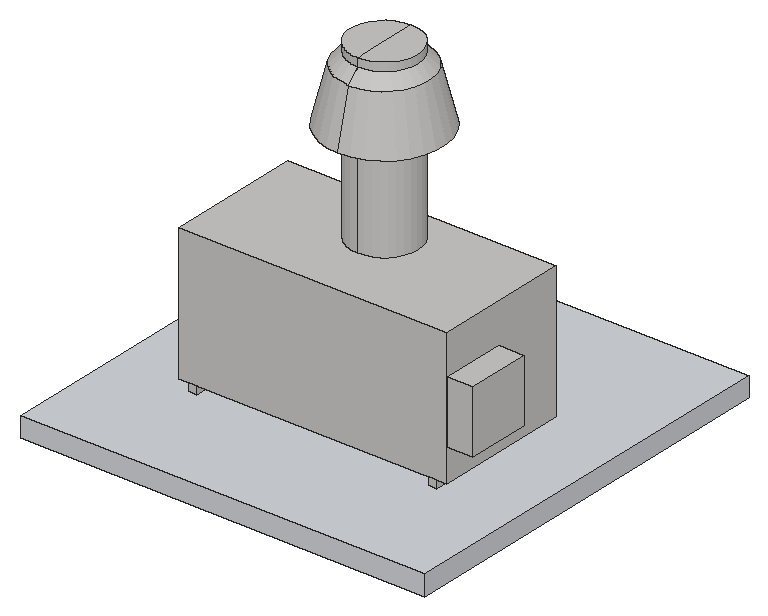
Revit family "DC_Rheem_PLM_Raypak_B1292ID", category Plumbing Fixtures, host Face, Revit 2017
Family settings
  Host = Face
  Round Connector Dimension = Use Radius
  Part Type = Normal
  Cut with Voids When Loaded = No
  Shared = No
  Room Calculation Point = No
Parameters (values of type "Raypak - Gas Water Heater- Indoor - 1289 MJ/h  Natural gas, modulating gas control")
  Width_ANZRS = 825 mm
  URL = "http://www.rheem.com.au/CommercialProducts"
  Type Comments = "Recovery 4902L/h @ 50°C rise\r\n"
  Materials_ANZRS = Raypak - Grey Powder Coated Steel
  PRV_ANZRS = 15 mm
  Model = "B1292NCM/ID\r\n"
  Manufacturer = "Raypak\r\n"
  HotWaterOutlet Radius_ANZRS = 32.5 mm
  HotWaterOutletDiameter_ANZRS = HotWaterOutlet Radius_ANZRS * 2  # 65 mm
  Height_ANZRS = 1915 mm
  GasInletRadius_ANZRS = 20 mm
  GasInletHeight_ANZRS = 410 mm
  GasInletDiameter_ANZRS = GasInletRadius_ANZRS * 2  # 40 mm
  DesignBy_ANZRS = "Design Content ©"
  Description = "Raypak - Gas Water Heater- Indoor - 1289 MJ/h  Natural gas, modulating gas control"
  Default Elevation = 0 mm
  ConnectionHeight_ANZRS = 755 mm
  ColdWaterInletRadius_ANZRS = 32.5 mm
  ColdWaterInletDiameter_ANZRS = ColdWaterInletRadius_ANZRS * 2  # 65 mm
  Box Height_ANZRS = 860 mm
  Author_ANZRS = "DM"
  Assembly Code = ""
Types (5, lengths in mm): name | URL | Type Comments | Model | GasInletRadius_ANZRS | GasInletDiameter_ANZRS | Description
  (no name) | "http://www.rheem.com.au/downloads/PDF/Raypak_Mechanical_Heating_Brochure_July_09.pdf\r\n" | "Recovery 4558L/h @ 50°C rise\r\n" | "B1292PCO/ID\r\n" | 16 | 32 | "Raypak - Gas Water Heater- Indoor - 1186 MJ/h  Propane gas, On/Off gas control\r\n"
  Raypak - Gas Water Heater- Indoor - 1289 MJ/h  Natural gas, modulating gas control | "http://www.rheem.com.au/CommercialProducts" | "Recovery 4902L/h @ 50°C rise\r\n" | "B1292NCM/ID\r\n" | 20 | 40 | "Raypak - Gas Water Heater- Indoor - 1289 MJ/h  Natural gas, modulating gas control"
  Raypak - Gas Water Heater- Indoor - 1289 MJ/h  Natural gas, On/Off gas control | "http://www.rheem.com.au/CommercialProducts" | "Recovery 4902L/h @ 50°C rise\r\n" | "B1292NCO/ID\r\n\r\n" | 20 | 40 | "Raypak - Gas Water Heater- Indoor - 1289 MJ/h  Natural gas, On/Off gas control\r\n"
  Raypak - Gas Water Heater- Indoor - 1186 MJ/h  Propane gas, modulating gas control | "http://www.rheem.com.au/CommercialProducts" | "Recovery 4558L/h @ 50°C rise\r\n" | "B1292PCM/ID\r\n\r\n\r\n" | 10 | 20 | "Raypak - Gas Water Heater- Indoor - 1186 MJ/h  Propane gas, modulating gas control\r\n"
  Raypak - Gas Water Heater- Indoor - 1186 MJ/h  Propane gas, On/Off gas control | "http://www.rheem.com.au/CommercialProducts" | "Recovery 4558L/h @ 50°C rise\r\n" | "B1292PCO/ID\r\n" | 16 | 32 | "Raypak - Gas Water Heater- Indoor - 1186 MJ/h  Propane gas, On/Off gas control\r\n"
Reference planes
  plane 1 "Center (Front/Back)": y = 0
  plane 2: z = 0
  plane 3 "Center (Left/Right)": x = 0
  plane 4 "H1": z = 1915
  plane 5 "H5": z = 860
  plane 6 "CD 1": z = 755
  plane 7 "CD 6": z = 410
  plane 8: y = 285
  plane 9: y = -540
  plane 10 "CD 2": y = 200
  plane 11 "CD 3": y = 130
  plane 12 "CD 4": y = -150
  plane 13 "CD 5": y = -410
  plane 14 "W2": y = 202.5
  plane 15 "W3": y = -202.5
  plane 16: x = -807.5
  plane 17: x = 807.5
  plane 18: x = -857.5
  plane 19 "L1": x = -747.5
  plane 20 "L2": x = -697.5
  plane 21 "L3": x = 697.5
  plane 22 "L4": x = 747.5
  plane 23 "H8": z = 45
  plane 24 "H7": z = 245
  plane 25 "H6": z = 625
  plane 26 "W1": x = 967.5
  plane 27 "H4": z = 1464.364
  plane 28 "H3": z = 1794.164
  plane 29 "H2": z = 1866.464
  plane 30: y = -155
Forms (mm)
  Extrusion 1, solid
    sketch origin (0, 0, 0) x (1, 0, 0) y (0, 1, 0)
      loop
        line (-1219.2, 1219.2) -> (-1219.2, -1219.2) -> (1219.2, -1219.2) -> (1219.2, 1219.2) -> (-1219.2, 1219.2)
    from 0 to -120
  Extrusion 2, solid, material "Raypak - Grey Powder Coated Steel" <- "Materials_ANZRS"
    sketch origin (0, 0, 0) x (1, 0, 0) y (0, 1, 0)
      loop
        line (-807.5, 285) -> (-807.5, -540) -> (807.5, -540) -> (807.5, 285) -> (-807.5, 285)
    from 45 to 860
  Revolve 3, solid, material "Raypak - Grey Powder Coated Steel" <- "Materials_ANZRS"
    sketch origin (0, 0, 105) x (0, 1, 0) y (0, 0, 1)
      loop
        line (0, 1810) -> (-202.5, 1810) -> (-202.5, 1761.464) -> (-266.851, 1689.164) -> (-349.003, 1359.364) -> (-202.5, 1359.364) -> (-202.5, 755) -> (0, 755) -> (0, 1810)
      axis (0, 1810) -> (0, 755)
    angle from 0 to 360
  Extrusion 4, void
    sketch origin (0, 0, 0) x (0, 1, 0) y (0, 0, 1)
      loop
        circle (200, 755) r 15
      loop
        circle (130, 755) r 32.5
      loop
        circle (-150, 755) r 32.5
    from -807.5 to -795.01
  Extrusion 5, solid, material "Raypak - Grey Powder Coated Steel" <- "Materials_ANZRS"
    sketch origin (0, 0, 0) x (0, 1, 0) y (0, 0, 1)
      loop
        circle (-410, 410) r 20
    from -857.5 to -807.5
  Extrusion 6, solid, material "Raypak - Grey Powder Coated Steel" <- "Materials_ANZRS"
    sketch origin (0, 0, 0) x (1, 0, 0) y (0, 0, 1)
      loop
        line (-697.5, 0) -> (-697.5, 45) -> (-747.5, 45) -> (-747.5, 0) -> (-697.5, 0)
      loop
        line (747.5, 0) -> (747.5, 45) -> (697.5, 45) -> (697.5, 0) -> (747.5, 0)
    from -285 to 540
  Extrusion 7, solid, material "Raypak - Grey Powder Coated Steel" <- "Materials_ANZRS"
    sketch origin (0, 0, 0) x (1, 0, 0) y (0, 0, 1)
      loop
        line (807.5, 625) -> (807.5, 245) -> (967.5, 245) -> (967.5, 625) -> (807.5, 625)
    from 155 to 540
Cuts and joins
  Extrusion 4 cuts Extrusion 2
Lines and regions (mm)
  Masking region 1
    outline origin (0, 0, 0) x (1, 0, 0) y (0, 1, 0)
      loop
        line (-807.5, -540) -> (807.5, -540) -> (967.5, -540) -> (967.5, -155) -> (807.5, -155) -> (807.5, 285) -> (201.441, 285)
        arc (201.441, 285) -> (105.682, 332.618) -> (0, 349.003) r 349.003
        arc (0, 349.003) -> (-105.682, 332.618) -> (-201.441, 285) r 349.003
        line (-201.441, 285) -> (-807.5, 285) -> (-807.5, -540)
  Masking region 2
    outline origin (0, 0, 0) x (0, 1, 0) y (0, 0, 1)
      loop
        line (-202.5, 1915) -> (-202.5, 1866.464) -> (-266.851, 1794.164) -> (-349.079, 1464.364) -> (-202.5, 1464.364) -> (-202.5, 860) -> (-540, 860) -> (-540, 0) -> (285, 0) -> (285, 860) -> (202.5, 860) -> (202.5, 1464.364) -> (349.079, 1464.364) -> (266.851, 1794.164) -> (202.5, 1866.464) -> (202.5, 1915) -> (-202.5, 1915)
  Masking region 3
    outline origin (0, 0, 0) x (1, 0, 0) y (0, 0, 1)
      loop
        line (-202.5, 1915) -> (-202.5, 1866.464) -> (-266.851, 1794.164) -> (-349.079, 1464.364) -> (-202.039, 1464.364) -> (-202.039, 860) -> (-807.5, 860) -> (-807.5, 45) -> (-747.5, 45) -> (-747.5, 0) -> (-697.5, 0) -> (-697.5, 45) -> (697.5, 45) -> (697.5, 0) -> (747.5, 0) -> (747.5, 45) -> (807.5, 45) -> (807.5, 245) -> (967.5, 245) -> (967.5, 625) -> (807.5, 625) -> (807.5, 860) -> (204.539, 860) -> (204.539, 1464.364) -> (349.079, 1464.364) -> (266.851, 1794.164) -> (203.249, 1866.464) -> (203.249, 1915) -> (0, 1915) -> (-202.5, 1915)
  symbolic lines, style "Rheem Raypak", detail levels fine
    curve 1: line (0, 285, 0) -> (0, 285, 860)
    curve 2: line (0, 285, 860) -> (0, -540, 860)
    curve 3: line (0, -540, 860) -> (0, -540, 0)
    curve 4: line (0, -349.079, 1464.364) -> (0, 349.079, 1464.364)
    curve 5: line (0, -202.5, 1915) -> (0, 202.5, 1915)
    curve 6: line (0, 266.851, 1794.164) -> (0, -266.851, 1794.164)
    curve 7: line (0, 202.5, 1866.464) -> (0, -202.5, 1866.464)
    curve 8: arc (0, 97.5, 755) -> (0, 130, 722.5) -> (0, 162.5, 755) r 32.5
    curve 9: arc (0, 162.5, 755) -> (0, 130, 787.5) -> (0, 97.5, 755) r 32.5
    curve 10: arc (0, 185, 755) -> (0, 200, 740) -> (0, 215, 755) r 15
    curve 11: arc (0, 215, 755) -> (0, 200, 770) -> (0, 185, 755) r 15
    curve 12: arc (0, -182.5, 755) -> (0, -150, 722.5) -> (0, -117.5, 755) r 32.5
    curve 13: arc (0, -117.5, 755) -> (0, -150, 787.5) -> (0, -182.5, 755) r 32.5
    curve 14: arc (0, -390, 410) -> (0, -410, 390) -> (0, -430, 410) r 20
    curve 15: arc (0, -430, 410) -> (0, -410, 430) -> (0, -390, 410) r 20
    curve 16: line (0, 349.079, 1464.364) -> (0, 266.851, 1794.164)
    curve 17: line (0, -266.851, 1794.164) -> (0, -349.079, 1464.364)
    curve 18: line (0, 202.5, 1866.464) -> (0, 266.851, 1794.164)
    curve 19: line (0, -266.851, 1794.164) -> (0, -202.5, 1866.464)
    curve 20: line (0, -540, 45) -> (0, 285, 45)
    curve 21: line (0, -540, 0) -> (0, 285, 0)
    curve 22: line (-202.5, 0, 1915) -> (203.249, 0, 1915)
    curve 23: line (-202.5, 0, 1866.464) -> (203.249, 0, 1866.464)
    curve 24: line (-266.851, 0, 1794.164) -> (266.851, 0, 1794.164)
    curve 25: line (-349.079, 0, 1464.364) -> (349.079, 0, 1464.364)
    curve 26: line (807.5, 0, 860) -> (-807.5, 0, 860)
    curve 27: line (-807.5, 0, 45) -> (807.5, 0, 45)
    curve 28: line (697.5, 0, 0) -> (747.5, 0, 0)
    curve 29: line (-747.5, 0, 0) -> (-697.5, 0, 0)
    curve 30: line (967.5, 0, 625) -> (807.5, 0, 625)
    curve 31: line (807.5, 0, 245) -> (967.5, 0, 245)
    curve 32: line (967.5, 0, 245) -> (967.5, 0, 625)
    curve 33: line (204.539, 0, 1464.364) -> (204.539, 0, 860)
    curve 34: line (349.079, 0, 1464.364) -> (266.851, 0, 1794.164)
    curve 35: line (203.249, 0, 1915) -> (203.249, 0, 1866.464)
    curve 36: line (-202.5, 0, 1915) -> (-202.5, 0, 1866.464)
    curve 37: line (-349.079, 0, 1464.364) -> (-266.851, 0, 1794.164)
    curve 38: line (-202.039, 0, 1464.364) -> (-202.039, 0, 860)
    curve 39: line (-747.5, 0, 45) -> (-747.5, 0, 0)
    curve 40: line (-697.5, 0, 0) -> (-697.5, 0, 45)
    curve 41: line (747.5, 0, 0) -> (747.5, 0, 45)
    curve 42: line (697.5, 0, 45) -> (697.5, 0, 0)
    curve 43: line (-857.5, 0, 425) -> (-857.5, 0, 395)
    curve 44: line (-857.5, 0, 425) -> (-807.5, 0, 425)
    curve 45: line (-857.5, 0, 395) -> (-807.5, 0, 395)
    curve 46: arc (0, -349.003, 0) -> (349.003, 0, 0) -> (0, 349.003, 0) r 349.003
    curve 47: arc (0, 349.003, 0) -> (-349.003, 0, 0) -> (0, -349.003, 0) r 349.003
    curve 48: arc (0, -202.5, 0) -> (-202.5, 0, 0) -> (0, 202.5, 0) r 202.5
    curve 49: arc (0, -266.851, 0) -> (-266.851, 0, 0) -> (0, 266.851, 0) r 266.851
    curve 50: arc (0, 202.5, 0) -> (202.5, 0, 0) -> (0, -202.5, 0) r 202.5
    curve 51: arc (0, 266.851, 0) -> (266.851, 0, 0) -> (0, -266.851, 0) r 266.851
    curve 52: line (807.5, 285, 0) -> (201.441, 285, 0)
    curve 53: line (-807.5, 285, 0) -> (-807.5, -540, 0)
    curve 54: line (-807.5, -540, 0) -> (807.5, -540, 0)
    curve 55: line (807.5, -540, 0) -> (807.5, 285, 0)
    curve 56: line (967.5, -540, 0) -> (967.5, -155, 0)
    curve 57: line (967.5, -155, 0) -> (807.5, -155, 0)
    curve 58: line (807.5, -540, 0) -> (967.5, -540, 0)
    curve 59: line (-857.5, -395, 0) -> (-857.5, -425, 0)
    curve 60: line (-857.5, -395, 0) -> (-807.5, -395, 0)
    curve 61: line (-857.5, -425, 0) -> (-807.5, -425, 0)
    curve 62: line (0, 202.5, 1915) -> (0, 202.5, 1866.464)
    curve 63: line (0, -202.5, 1915) -> (0, -202.5, 1866.464)
    curve 64: line (0, 202.5, 1464.364) -> (0, 202.5, 860)
    curve 65: line (0, -202.5, 1464.364) -> (0, -202.5, 860)
    curve 66: line (-807.5, 0, 860) -> (-807.5, 0, 45)
    curve 67: line (807.5, 0, 45) -> (807.5, 0, 860)
    curve 68: line (-201.441, 285, 0) -> (-807.5, 285, 0)
  symbolic lines, style "Rheem Raypak"
    curve 69: line (-266.851, 0, 1794.164) -> (-202.5, 0, 1866.464)
    curve 70: line (203.249, 0, 1866.464) -> (266.851, 0, 1794.164)
Dimensions and locks
  "Height_ANZRS": plane 4 "H1" to level
  "Box Height_ANZRS": plane 5 "H5" to level
  "ConnectionHeight_ANZRS": plane 6 "CD 1" to Extrusion 1
  "GasInletHeight_ANZRS": plane 7 "CD 6" to level
  plane 8 to plane 9 = 825 mm
  plane 8 to plane 10 "CD 2" = 85 mm
  plane 8 to plane 11 "CD 3" = 155 mm
  plane 11 "CD 3" to plane 12 "CD 4" = 280 mm
  plane 13 "CD 5" to plane 9 = 130 mm
  plane 1 "Center (Front/Back)" to plane 9 = 540 mm
  locked: plane 19 "L1" to plane 16 at 60
  locked: plane 20 "L2" to plane 19 "L1" at 50
  locked: plane 17 to plane 22 "L4" at 60
  locked: plane 22 "L4" to plane 21 "L3" at 50
  plane 23 "H8" to level = 45 mm
  plane 24 "H7" to level = 245 mm
  locked: plane 25 "H6" to plane 24 "H7" at 380
  locked: plane 17 to plane 26 "W1" at 160
  plane 4 "H1" to plane 29 "H2" to plane 28 "H3" to plane 27 "H4" = 48.536 mm locked, 72.3 mm locked, 329.8 mm locked
  plane 14 "W2" to plane 15 "W3" = 405 mm
  plane 17 to plane 16 = 1615 mm
  locked: plane 16 to plane 18 at 50
  equal spacing: plane 17, plane 3 "Center (Left/Right)", plane 16
  "GasInletRadius_ANZRS": radius of Extrusion 5 sketch curve
  "HotWaterOutlet Radius_ANZRS": radius of Extrusion 4 sketch curve
  "ColdWaterInletRadius_ANZRS": radius of Extrusion 4 sketch curve
  "PRV_ANZRS": radius of Extrusion 4 sketch curve
  aligned and locked: plane 2 to Extrusion 1
  aligned and locked: level to Extrusion 1
  aligned and locked: plane 8 to Extrusion 2 sketch curve
  aligned and locked: plane 16 to Extrusion 2 sketch curve
  aligned and locked: plane 9 to Extrusion 2 sketch curve
  aligned and locked: plane 17 to Extrusion 2 sketch curve
  aligned and locked: plane 5 "H5" to Extrusion 2
  aligned and locked: Revolve 3 sketch curve to plane 1 "Center (Front/Back)"
  aligned and locked: plane 11 "CD 3" to Extrusion 4 sketch curve
  aligned and locked: plane 10 "CD 2" to Extrusion 4 sketch curve
  aligned and locked: plane 6 "CD 1" to Extrusion 4 sketch curve  (x3)
  aligned and locked: Extrusion 4 to plane 16
  aligned and locked: plane 7 "CD 6" to Extrusion 5 sketch curve
  aligned and locked: plane 13 "CD 5" to Extrusion 5 sketch curve
  aligned and locked: plane 16 to Extrusion 5
  aligned and locked: Extrusion 5 to plane 18
  aligned and locked: Extrusion 2 to plane 23 "H8"
  aligned and locked: level to Extrusion 6 sketch curve  (x2)
  aligned and locked: Extrusion 6 sketch curve to plane 20 "L2"
  aligned and locked: Extrusion 6 sketch curve to plane 23 "H8"  (x2)
  aligned and locked: plane 19 "L1" to Extrusion 6 sketch curve
  aligned and locked: Extrusion 6 sketch curve to plane 22 "L4"
  aligned and locked: plane 21 "L3" to Extrusion 6 sketch curve
  aligned and locked: Extrusion 6 to plane 8
  aligned and locked: Extrusion 6 to plane 9
  aligned and locked: Extrusion 7 sketch curve to plane 25 "H6"
  aligned and locked: Extrusion 7 sketch curve to plane 26 "W1"
  aligned and locked: Extrusion 7 sketch curve to plane 24 "H7"
  aligned and locked: cut or joined group of Extrusion 2, Extrusion 4 to Extrusion 7 sketch curve
  aligned and locked: Extrusion 7 to plane 9
  aligned and locked: plane 12 "CD 4" to Extrusion 4 sketch curve
  aligned and locked: Revolve 3 sketch curve to plane 4 "H1"
  aligned and locked: plane 5 "H5" to Revolve 3 sketch curve
  aligned and locked: plane 27 "H4" to Revolve 3 sketch curve
  aligned and locked: plane 29 "H2" to Revolve 3 sketch curve
  aligned and locked: curve 1 to cut or joined group of Extrusion 2, Extrusion 4
  aligned and locked: curve 2 to cut or joined group of Extrusion 2, Extrusion 4
  aligned and locked: curve 3 to cut or joined group of Extrusion 2, Extrusion 4
  aligned and locked: curve 4 to Revolve 3
  aligned and locked: Revolve 3 to curve 5
  aligned and locked: curve 6 to Revolve 3
  aligned and locked: Revolve 3 to curve 7
  aligned and locked: curve 8 to cut or joined group of Extrusion 2, Extrusion 4
  aligned and locked: curve 9 to cut or joined group of Extrusion 2, Extrusion 4
  aligned and locked: curve 10 to cut or joined group of Extrusion 2, Extrusion 4
  aligned and locked: curve 11 to cut or joined group of Extrusion 2, Extrusion 4
  aligned and locked: curve 12 to cut or joined group of Extrusion 2, Extrusion 4
  aligned and locked: curve 13 to cut or joined group of Extrusion 2, Extrusion 4
  aligned and locked: curve 14 to Extrusion 5
  aligned and locked: curve 15 to Extrusion 5
  aligned: Revolve 3 to curve 17
  aligned and locked: Revolve 3 to curve 19
  aligned and locked: curve 20 to cut or joined group of Extrusion 2, Extrusion 4
  aligned and locked: curve 21 to Extrusion 6
  aligned and locked: curve 22 to Revolve 3
  aligned and locked: curve 23 to plane 29 "H2"
  aligned and locked: curve 24 to plane 28 "H3"
  aligned and locked: curve 25 to Revolve 3
  aligned and locked: curve 26 to cut or joined group of Extrusion 2, Extrusion 4
  aligned and locked: curve 27 to cut or joined group of Extrusion 2, Extrusion 4
  aligned and locked: curve 28 to Extrusion 6
  aligned and locked: curve 29 to Extrusion 6
  aligned and locked: curve 30 to Extrusion 7
  aligned and locked: curve 31 to Extrusion 7
  aligned and locked: curve 32 to Extrusion 7
  aligned and locked: plane 5 "H5" to curve 38
  aligned and locked: plane 27 "H4" to curve 38
  aligned and locked: curve 39 to Extrusion 6
  aligned and locked: curve 40 to Extrusion 6
  aligned and locked: curve 41 to Extrusion 6
  aligned and locked: curve 42 to Extrusion 6
  aligned and locked: Extrusion 5 to curve 43
  aligned and locked: curve 46 to Revolve 3
  aligned and locked: curve 47 to Revolve 3
  aligned and locked: curve 48 to Revolve 3
  aligned and locked: curve 49 to Revolve 3
  aligned and locked: curve 50 to Revolve 3
  aligned and locked: curve 51 to Revolve 3
  aligned and locked: curve 52 to cut or joined group of Extrusion 2, Extrusion 4
  aligned and locked: curve 53 to cut or joined group of Extrusion 2, Extrusion 4
  aligned and locked: curve 54 to cut or joined group of Extrusion 2, Extrusion 4
  aligned and locked: curve 55 to cut or joined group of Extrusion 2, Extrusion 4
  aligned and locked: curve 56 to Extrusion 7
  aligned and locked: curve 57 to Extrusion 7
  aligned and locked: curve 58 to Extrusion 7
  aligned and locked: Extrusion 5 to curve 59
  aligned: curve 62 to Revolve 3
  aligned: curve 63 to Revolve 3
  aligned and locked: plane 14 "W2" to curve 64
  aligned and locked: curve 65 to plane 15 "W3"
  aligned and locked: Masking region 1 sketch curve to curve 54
  aligned and locked: Masking region 1 sketch curve to curve 58
  aligned and locked: Masking region 1 sketch curve to curve 56
  aligned and locked: curve 55 to Masking region 1 sketch curve
  aligned and locked: Masking region 1 sketch curve to curve 52
  aligned and locked: Masking region 1 sketch curve to curve 47
  aligned and locked: Masking region 1 sketch curve to curve 46
  aligned and locked: Masking region 1 sketch curve to curve 68
  aligned and locked: Masking region 1 sketch curve to curve 53
  aligned and locked: plane 28 "H3" to Revolve 3 sketch curve
  aligned and locked: plane 15 "W3" to Revolve 3 sketch curve
  aligned and locked: Masking region 2 sketch curve to curve 5
  aligned and locked: Masking region 2 sketch curve to curve 62
  aligned and locked: Masking region 2 sketch curve to curve 18
  aligned and locked: Masking region 2 sketch curve to curve 16
  aligned and locked: Masking region 2 sketch curve to curve 4
  aligned and locked: Masking region 2 sketch curve to curve 17
  aligned and locked: Masking region 2 sketch curve to curve 19
  aligned and locked: Masking region 2 sketch curve to curve 63
  aligned and locked: Masking region 2 sketch curve to curve 64
  aligned and locked: Masking region 2 sketch curve to curve 65
  aligned and locked: Masking region 2 sketch curve to curve 1
  aligned and locked: Masking region 2 sketch curve to curve 2
  aligned and locked: Masking region 2 sketch curve to curve 3
  aligned and locked: Masking region 2 sketch curve to curve 21
  aligned and locked: Masking region 3 sketch curve to Revolve 3  (x3)
  aligned and locked: Masking region 3 sketch curve to curve 36
  aligned and locked: Masking region 3 sketch curve to curve 69
  aligned and locked: Masking region 3 sketch curve to curve 37
  aligned and locked: Masking region 3 sketch curve to curve 38
  aligned and locked: Masking region 3 sketch curve to cut or joined group of Extrusion 2, Extrusion 4  (x4)
  aligned and locked: Masking region 3 sketch curve to Extrusion 6  (x6)
  aligned and locked: Masking region 3 sketch curve to Extrusion 7  (x3)
  aligned and locked: Masking region 3 sketch curve to curve 33
  aligned and locked: Revolve 3 to Masking region 3 sketch curve
  aligned and locked: Masking region 3 sketch curve to curve 34
  aligned and locked: Masking region 3 sketch curve to curve 70
  aligned and locked: Masking region 3 sketch curve to curve 35
  aligned and locked: plane 30 to Masking region 1 sketch curve
  aligned and locked: plane 30 to curve 57
Automatic sketch dimensions
  Extrusion 1 sketch curve to Extrusion 1 sketch curve = 2438.4 mm  (x2)
  Revolve 3 sketch curve to plane 1 "Center (Front/Back)" = 0 mm
  Revolve 3 sketch curve to plane 13 "CD 5" = 60.997 mm
  Revolve 3 sketch curve to Revolve 3 sketch curve = 310 mm
  Revolve 3 sketch curve to Revolve 3 sketch curve = 130 mm
  Revolve 3 sketch curve to plane 15 "W3" = 0 mm
  Revolve 3 sketch curve to plane 15 "W3" = 64.351 mm
  curve 20 to plane 9 = 0 mm
  curve 17 to plane 27 "H4" = 0 mm
  curve 7 to plane 15 "W3" = 0 mm
  curve 18 to plane 14 "W2" = 0 mm
  curve 16 to plane 28 "H3" = 0 mm
  curve 1 to level = 0 mm
  curve 1 to plane 8 = 0 mm
  curve 65 to plane 5 "H5" = 0 mm
  curve 19 to plane 29 "H2" = 0 mm
  curve 5 to plane 4 "H1" = 0 mm
  curve 17 to plane 13 "CD 5" = 60.921 mm
  curve 6 to plane 15 "W3" = 64.351 mm
  plane 8 to curve 16 = 18.149 mm
  curve 4 to plane 8 = 64.079 mm
  Masking region 2 sketch curve to plane 27 "H4" = 0 mm
  Masking region 2 sketch curve to plane 5 "H5" = 0 mm
  Masking region 3 sketch curve to plane 3 "Center (Left/Right)" = 0 mm
  Masking region 3 sketch curve to plane 29 "H2" = 0 mm
  Masking region 3 sketch curve to plane 27 "H4" = 0 mm
  Masking region 3 sketch curve to plane 5 "H5" = 0 mm
  plane 17 to Masking region 3 sketch curve = 0 mm
  Masking region 3 sketch curve to plane 23 "H8" = 0 mm  (x2)
  curve 43 to plane 18 = 0 mm
  curve 27 to plane 16 = 0 mm
  curve 39 to plane 19 "L1" = 0 mm
  curve 40 to level = 0 mm
  curve 40 to plane 20 "L2" = 0 mm
  curve 22 to plane 4 "H1" = 0 mm
  curve 42 to plane 21 "L3" = 0 mm
  curve 28 to level = 0 mm
  curve 28 to plane 22 "L4" = 0 mm
  plane 17 to curve 27 = 0 mm
  curve 32 to plane 25 "H6" = 0 mm
  curve 32 to plane 26 "W1" = 0 mm
  curve 42 to plane 23 "H8" = 0 mm
  curve 31 to plane 24 "H7" = 0 mm
  plane 20 "L2" to curve 25 = 348.421 mm
  curve 69 to plane 3 "Center (Left/Right)" = 266.851 mm
  curve 24 to curve 69 = 64.351 mm
  curve 38 to plane 3 "Center (Left/Right)" = 202.039 mm
  plane 3 "Center (Left/Right)" to curve 70 = 203.249 mm
  plane 3 "Center (Left/Right)" to curve 33 = 204.539 mm
  curve 23 to curve 34 = 63.602 mm
  curve 33 to curve 34 = 144.539 mm
  curve 45 to plane 7 "CD 6" = 15 mm
  plane 7 "CD 6" to curve 44 = 15 mm
  Masking region 1 sketch curve to plane 17 = 0 mm
  curve 59 to plane 18 = 0 mm
  curve 60 to plane 16 = 0 mm
  plane 8 to curve 68 = 0 mm
  plane 8 to curve 52 = 0 mm
  curve 52 to plane 17 = 0 mm
  curve 57 to plane 26 "W1" = 0 mm
  curve 54 to plane 9 = 0 mm
  plane 13 "CD 5" to curve 61 = 15 mm
  curve 59 to plane 13 "CD 5" = 15 mm
Connectors
  piping at (-857.5, -410, 410), diameter 40, driven by "GasInletRadius_ANZRS"
    settings: on Extrusion 5, index 3, connector inside diameter 1.25984", connector length 0 mm, flow factor 0, pipe flow 0 GPM, pressure drop 0.00 psi, fitting loss kfactor 0, connector angle 0.00°, fixture units 0, engagement length 0 mm, angle of deflection 0.00°, flow configuration 1, flow direction 1, fitting loss method 0, system type 22, joint type 0, gender type 0, connector reference index -1, connector utility 0, adjustable connector no, is connector primary yes, connector description "Gas"
  piping at (-807.5, 130, 755), diameter 65, driven by "HotWaterOutlet Radius_ANZRS"
    settings: on cut or joined group of Extrusion 2, Extrusion 4, index 4, connector inside diameter 2.55906", connector length 0 mm, flow factor 0, pipe flow 0 GPM, pressure drop 0.00 psi, fitting loss kfactor 0, connector angle 0.00°, fixture units 0, engagement length 0 mm, angle of deflection 0.00°, flow configuration 1, flow direction 2, fitting loss method 0, system type 19, joint type 0, gender type 0, connector reference index -1, connector utility 0, adjustable connector no, is connector primary no, connector description ""
  piping at (-807.5, -150, 755), diameter 65, driven by "ColdWaterInletRadius_ANZRS"
    settings: on cut or joined group of Extrusion 2, Extrusion 4, index 5, connector inside diameter 2.55906", connector length 0 mm, flow factor 0, pipe flow 0 GPM, pressure drop 0.00 psi, fitting loss kfactor 0, connector angle 0.00°, fixture units 0, engagement length 0 mm, angle of deflection 0.00°, flow configuration 1, flow direction 1, fitting loss method 0, system type 20, joint type 0, gender type 0, connector reference index -1, connector utility 0, adjustable connector no, is connector primary no, connector description ""
  piping at (-807.5, 200, 755), diameter 30
    settings: on cut or joined group of Extrusion 2, Extrusion 4, index 6, connector inside diameter 1.1811", connector length 0 mm, flow factor 0, pipe flow 0 GPM, pressure drop 0.00 psi, fitting loss kfactor 0, connector angle 0.00°, fixture units 0, engagement length 0 mm, angle of deflection 0.00°, flow configuration 1, flow direction 2, fitting loss method 0, system type 22, joint type 0, gender type 0, connector reference index -1, connector utility 0, adjustable connector no, is connector primary no, connector description "PRV"
